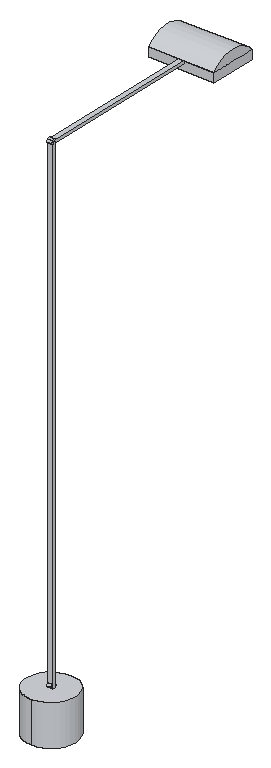
Revit family
Parameters
  viscoda = lunghastavertc < 5000 mm  # no
  riflettorevis = lunghastavertc > 10000 mm  # no
  raggiobase = if(lunghastavertc < 9500 mm, 300 mm, 1000 mm)  # 300 mm
  lunghcodac = 940 mm
  lunghastavertc = 6000 mm
  lunghastaorizz = if(lunghastavertc > 9500 mm, 1000 mm, 2000 mm)  # 2000 mm
  larghlamplaterali = 900 mm
  larghlampada [instance] = if(lunghastavertc > 5000 mm, 400 mm, 100 mm)  # 400 mm
  larghastavert = 30 mm
  angoloc [instance] = 90.00°
  angolo1cond [instance] = 90.00°
  altezzabase = if(lunghastavertc < 5000 mm, 100 mm, 500 mm)  # 500 mm
Reference planes
  plane 1 "Centro (Fronte/Retro)": y = 0
  plane 2: z = 0
  plane 3 "Centro (Sinistra/Destra)": x = 0
  plane 4: x = -30
  plane 5: x = 30
  plane 6: x = 400
  plane 7: x = -400
  plane 8: z = 500
  plane 9: z = 0
  plane 10: x = 1300
  plane 11: x = -1300
Forms (mm)
  Extrusion 1, solid
    sketch origin (0, 0, 0) x (0, 1, 0) y (0, 0, 1)
      loop
        line (15.173, 500) -> (30.345, 526.28) -> (15.173, 552.559) -> (-15.173, 552.559) -> (-30.345, 526.28) -> (-15.173, 500) -> (15.173, 500)
    from -30 to 30
  Extrusion 2, solid
    sketch origin (0, 0, 6500) x (0, 0, -1) y (0, 1, 0)
      loop
        line (0, -15) -> (6000, -15) -> (6000, 15) -> (0, 15) -> (0, -15)
    from -30 to 30
  Extrusion 3, solid
    sketch origin (0, 0, 6500) x (0, 0, -1) y (0, 1, 0)
      loop
        line (25, 15.173) -> (-1.28, 30.345) -> (-27.559, 15.173) -> (-27.559, -15.173) -> (-1.28, -30.345) -> (25, -15.173) -> (25, 15.173)
    from -30 to 30
  Extrusion 4, solid
    sketch origin (0, 2000, 6500) x (0, -1, 0) y (0, 0, -1)
      loop
        line (2000, 20) -> (0, 20) -> (0, -20) -> (2000, -20) -> (2000, 20)
    from -30 to 30
  Extrusion 5, solid, visible <- "viscoda"
    sketch origin (0, -940, 6500) x (0, 1, 0) y (0, 0, 1)
      loop
        line (940, 20) -> (0, 20) -> (0, -20) -> (940, -20) -> (940, 20)
    from -30 to 30
  Extrusion 6, solid
    sketch origin (0, 2000, 6500) x (0, -1, 0) y (0, 0, -1)
      loop
        line (0, -20) -> (-575.402, -20)
        arc (-575.402, -20) -> (-287.701, -149.337) -> (0, -20) r 384.654
    from -400 to 400
  Extrusion 7, solid
    sketch origin (0, 2000, 6500) x (0, -1, 0) y (0, 0, -1)
      loop
        line (0, -20) -> (0, 91.246) -> (-575.129, 91.246) -> (-575.129, -20) -> (0, -20)
    from -400 to 400
  Extrusion 8, solid
    sketch origin (0, 300, 500) x (0, -1, 0) y (1, 0, 0)
      loop
        circle (300, 0) r 300
    from -500 to 0
  Extrusion 9, solid, visible <- "riflettorevis"
    sketch origin (0, 2000, 6500) x (0, -1, 0) y (0, 0, -1)
      loop
        line (-860, -660) -> (-1435.402, -660)
        arc (-1435.402, -660) -> (-1147.701, -789.337) -> (-860, -660) r 384.654
    from 400 to 1300
  Extrusion 10, solid, visible <- "riflettorevis"
    sketch origin (0, 2000, 6500) x (0, -1, 0) y (0, 0, -1)
      loop
        line (-860, -660) -> (-1435.402, -660)
        arc (-1435.402, -660) -> (-1147.701, -789.337) -> (-860, -660) r 384.654
    from -1300 to -400
  Extrusion 11, solid, visible <- "riflettorevis"
    sketch origin (0, 2000, 6500) x (0, -1, 0) y (0, 0, -1)
      loop
        line (-860, -660) -> (-860, -548.754) -> (-1435.129, -548.754) -> (-1435.129, -660) -> (-860, -660)
    from 400 to 1300
  Extrusion 12, solid, visible <- "riflettorevis"
    sketch origin (0, 2000, 6500) x (0, -1, 0) y (0, 0, -1)
      loop
        line (-860, -660) -> (-860, -548.754) -> (-1435.129, -548.754) -> (-1435.129, -660) -> (-860, -660)
    from -1300 to -400
  Extrusion 13, solid, visible <- "riflettorevis"
    sketch origin (0, 2000, 6500) x (0, -1, 0) y (0, 0, -1)
      loop
        line (0, -20) -> (0, -660) -> (60, -660) -> (60, -20) -> (0, -20)
    from -30 to 30
  Extrusion 14, solid, visible <- "riflettorevis"
    sketch origin (0, 2000, 6500) x (0, -1, 0) y (0, 0, -1)
      loop
        line (0, -660) -> (0, -604.377) -> (-683.603, -604.377) -> (-683.603, -660) -> (0, -660)
    from -30 to 30
  Extrusion 15, solid, visible <- "riflettorevis"
    sketch origin (0, 2000, 6500) x (0, -1, 0) y (0, 0, -1)
      loop
        line (-683.603, -604.377) -> (-683.603, -660) -> (-629.346, -660) -> (-629.346, -604.377) -> (-683.603, -604.377)
    from 30 to 883.091
  Extrusion 16, solid, visible <- "riflettorevis"
    sketch origin (0, 2000, 6500) x (0, -1, 0) y (0, 0, -1)
      loop
        line (-683.603, -660) -> (-683.603, -604.377) -> (-860, -604.377) -> (-860, -660) -> (-683.603, -660)
    from 814.939 to 883.091
  Extrusion 17, solid, visible <- "riflettorevis"
    sketch origin (0, 2000, 6500) x (0, -1, 0) y (0, 0, -1)
      loop
        line (-683.603, -604.377) -> (-683.603, -660) -> (-629.346, -660) -> (-629.346, -604.377) -> (-683.603, -604.377)
    from 30 to 883.091
  Extrusion 18, solid, visible <- "riflettorevis"
    sketch origin (0, 2000, 6500) x (0, -1, 0) y (0, 0, -1)
      loop
        line (-683.603, -660) -> (-629.346, -660) -> (-629.346, -604.377) -> (-683.603, -604.377) -> (-683.603, -660)
    from -883.091 to -30
  Extrusion 19, solid, visible <- "riflettorevis"
    sketch origin (0, 2000, 6500) x (0, -1, 0) y (1, 0, 0)
      loop
        line (-683.603, -883.091) -> (-683.603, -818.67) -> (-860, -818.67) -> (-860, -883.091) -> (-683.603, -883.091)
    from 604.377 to 660
Lines and regions (mm)
  reference lines
    curve 1: line (0, 0, 6500) -> (0, 0, 500)
    curve 2: line (0, 2000, 6500) -> (0, 0, 6500)
    curve 3: line (0, -940, 6500) -> (0, 0, 6500)
    curve 4: line (0, 300, 500) -> (0, 0, 500)
Dimensions and locks
  "lunghastavertc": curve 1 to curve 1
  "lunghastaorizz": curve 2 to curve 2
  "lunghcodac": curve 3 to curve 3
  "larghlampada": plane 3 "Centro (Sinistra/Destra)" to plane 7
  "larghlampada": plane 6 to plane 3 "Centro (Sinistra/Destra)"
  "larghastavert": plane 4 to plane 3 "Centro (Sinistra/Destra)"
  "larghastavert": plane 5 to plane 3 "Centro (Sinistra/Destra)"
  plane 4 to plane 5 = 60 mm
  "altezzabase": plane 8 to level
  "larghlamplaterali": plane 10 to plane 6
  "larghlamplaterali": plane 7 to plane 11
  "raggiobase": curve 4 to curve 4
  "raggiobase": radius of Extrusion 8 sketch curve
  "angolo1cond": angle curve 3 to plane 1 "Centro (Fronte/Retro)"
  "angolo1cond": angle curve 2 to plane 1 "Centro (Fronte/Retro)"
  "angoloc": angle plane 8 to curve 1
  aligned and locked: Extrusion 2 to plane 4
  aligned and locked: plane 5 to Extrusion 2
  aligned and locked: Extrusion 3 to plane 4
  aligned and locked: plane 5 to Extrusion 3
  aligned and locked: Extrusion 4 to plane 4
  aligned and locked: plane 5 to Extrusion 4
  aligned and locked: plane 4 to Extrusion 1
  aligned and locked: plane 5 to Extrusion 1
  aligned and locked: Extrusion 2 to plane 5
  aligned and locked: plane 4 to Extrusion 2
  aligned and locked: plane 5 to Extrusion 5
  aligned and locked: Extrusion 5 to plane 4
  aligned and locked: plane 6 to Extrusion 6
  aligned and locked: Extrusion 6 to plane 7
  aligned and locked: plane 6 to Extrusion 7
  aligned and locked: Extrusion 8 to plane 8
  aligned and locked: plane 8 to Extrusion 1
  aligned and locked: Extrusion 8 to plane 9
  aligned and locked: Extrusion 7 to plane 7
  aligned and locked: plane 7 to Extrusion 10
  aligned and locked: Extrusion 10 to plane 11
  aligned and locked: Extrusion 9 to plane 6
  aligned and locked: plane 10 to Extrusion 9
  aligned and locked: plane 10 to Extrusion 11
  aligned and locked: Extrusion 11 to plane 6
  aligned and locked: Extrusion 12 to plane 11
  aligned and locked: plane 7 to Extrusion 12
Automatic sketch dimensions
  curve 4 to plane 1 "Centro (Fronte/Retro)" = 0 mm
  curve 4 to plane 8 = 0 mm
  Extrusion 1 sketch curve to plane 8 = 0 mm
  plane 1 "Centro (Fronte/Retro)" to Extrusion 1 sketch curve = 30.345 mm
  plane 1 "Centro (Fronte/Retro)" to Extrusion 1 sketch curve = 15.173 mm  (x2)
  Extrusion 1 sketch curve to plane 1 "Centro (Fronte/Retro)" = 15.173 mm  (x2)
  Extrusion 1 sketch curve to Extrusion 1 sketch curve = 15.173 mm
  Extrusion 1 sketch curve to plane 8 = 26.28 mm  (x2)
  Extrusion 1 sketch curve to Extrusion 1 sketch curve = 26.28 mm
  Extrusion 2 sketch curve to curve 1 = 0 mm  (x2)
  Extrusion 2 sketch curve to curve 1 = 15 mm
  curve 1 to Extrusion 2 sketch curve = 15 mm
  Extrusion 3 sketch curve to curve 1 = 27.559 mm
  Extrusion 3 sketch curve to curve 1 = 1.28 mm  (x2)
  curve 1 to Extrusion 3 sketch curve = 25 mm
  Extrusion 3 sketch curve to curve 1 = 30.345 mm
  curve 1 to Extrusion 3 sketch curve = 15.173 mm  (x2)
  Extrusion 3 sketch curve to curve 1 = 15.173 mm  (x2)
  curve 1 to Extrusion 3 sketch curve = 30.345 mm
  Extrusion 4 sketch curve to curve 2 = 0 mm  (x2)
  Extrusion 4 sketch curve to curve 2 = 20 mm
  curve 2 to Extrusion 4 sketch curve = 20 mm
  curve 2 to curve 1 = 0 mm  (x2)
  Extrusion 5 sketch curve to curve 3 = 0 mm  (x2)
  Extrusion 5 sketch curve to curve 3 = 20 mm
  curve 3 to Extrusion 5 sketch curve = 20 mm
  Extrusion 6 sketch curve to curve 2 = 0 mm
  Extrusion 6 sketch curve to curve 2 = 20 mm
  Extrusion 6 sketch curve to curve 2 = 235.317 mm
  Extrusion 6 sketch curve to curve 2 = 287.701 mm
  Extrusion 7 sketch curve to curve 2 = 0 mm
  Extrusion 7 sketch curve to curve 2 = 20 mm
  curve 2 to Extrusion 7 sketch curve = 91.246 mm
  Extrusion 7 sketch curve to curve 2 = 575.129 mm
  Extrusion 8 sketch curve to curve 4 = 0 mm  (x2)
  curve 2 to Extrusion 9 sketch curve = 660 mm
  Extrusion 9 sketch curve to curve 2 = 1435.402 mm
  Extrusion 9 sketch curve to Extrusion 9 sketch curve = 287.701 mm
  Extrusion 9 sketch curve to Extrusion 9 sketch curve = 255.317 mm
  curve 2 to Extrusion 10 sketch curve = 660 mm
  Extrusion 10 sketch curve to curve 2 = 1435.402 mm
  Extrusion 10 sketch curve to Extrusion 10 sketch curve = 287.701 mm
  Extrusion 10 sketch curve to Extrusion 10 sketch curve = 255.317 mm
  curve 2 to Extrusion 11 sketch curve = 660 mm
  Extrusion 11 sketch curve to curve 2 = 1435.129 mm
  Extrusion 11 sketch curve to Extrusion 11 sketch curve = 575.129 mm
  Extrusion 11 sketch curve to Extrusion 11 sketch curve = 111.246 mm
  curve 2 to Extrusion 12 sketch curve = 660 mm
  Extrusion 12 sketch curve to curve 2 = 1435.129 mm
  Extrusion 12 sketch curve to Extrusion 12 sketch curve = 575.129 mm
  Extrusion 12 sketch curve to Extrusion 12 sketch curve = 111.246 mm
  Extrusion 13 sketch curve to curve 2 = 0 mm
  Extrusion 13 sketch curve to curve 2 = 660 mm
  Extrusion 13 sketch curve to curve 2 = 20 mm
  curve 2 to Extrusion 13 sketch curve = 60 mm
  Extrusion 14 sketch curve to curve 2 = 0 mm
  Extrusion 14 sketch curve to curve 2 = 660 mm
  Extrusion 14 sketch curve to curve 2 = 604.377 mm
  Extrusion 14 sketch curve to Extrusion 14 sketch curve = 683.603 mm
  Extrusion 15 sketch curve to curve 2 = 683.603 mm
  Extrusion 15 sketch curve to Extrusion 15 sketch curve = 54.257 mm
  curve 2 to Extrusion 15 sketch curve = 660 mm
  Extrusion 15 sketch curve to Extrusion 15 sketch curve = 55.623 mm
  Extrusion 16 sketch curve to curve 2 = 860 mm
  Extrusion 16 sketch curve to Extrusion 16 sketch curve = 176.397 mm
  curve 2 to Extrusion 16 sketch curve = 660 mm
  Extrusion 16 sketch curve to Extrusion 16 sketch curve = 55.623 mm
  Extrusion 17 sketch curve to curve 2 = 683.603 mm
  Extrusion 17 sketch curve to Extrusion 17 sketch curve = 54.257 mm
  curve 2 to Extrusion 17 sketch curve = 660 mm
  Extrusion 17 sketch curve to Extrusion 17 sketch curve = 55.623 mm
  Extrusion 18 sketch curve to curve 2 = 683.603 mm
  Extrusion 18 sketch curve to Extrusion 18 sketch curve = 54.257 mm
  Extrusion 18 sketch curve to curve 2 = 660 mm
  Extrusion 18 sketch curve to Extrusion 18 sketch curve = 55.623 mm
  Extrusion 19 sketch curve to curve 2 = 860 mm
  Extrusion 19 sketch curve to Extrusion 19 sketch curve = 176.397 mm
  Extrusion 19 sketch curve to curve 2 = 883.091 mm
  Extrusion 19 sketch curve to Extrusion 19 sketch curve = 64.421 mm
  curve 1 to curve 4 = 0 mm  (x2)
